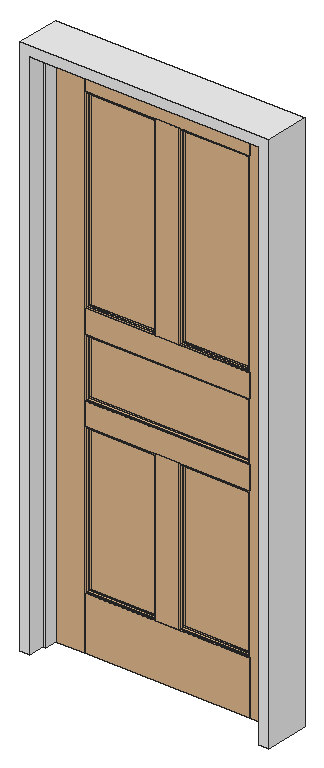
Revit family
Parameters (values of type "1 3/4" Flat Panel")
  URL = "http://www.karonadoor.com"
  Thickness Note = "Do not edit thickness."  # constant formula
  Thickness = 1.774"
  Swing Angle 2D = 90.00°
  SmartBIM Object Version = 1  # constant formula
  SmartBIM Object Created By = "Reed Construction Data"  # constant formula
  Rough Width = 0.000"
  Rough Height = 1.750"
  Panel = Panel_K5500_Karona : 1 3/4" - Flat Panel
  Model = "K5500 Ogee"  # constant formula
  Manufacturer = "Karona , Inc."  # constant formula
  Detail Door Thickness = 1.750"
  Assembly Code = ""
  Top Rail Height = 5.000"
  Top Rail = Wood, Cherry - Grain Horizontal
  Stile Width = 5.063"
  Stile = Wood, Cherry - Grain Vertical
  Sticking = Wood, Cherry - Grain Vertical
  Middle Rail = Wood, Cherry - Grain Horizontal
  Height = 84.000"
  Wall Closure = (empty or 0)
  Width = 36.000"
  Frame = Metal
  Bottom Rail Height = 8.500"
  Bottom Rail = Wood, Cherry - Grain Horizontal
  95 CSI = "08210"  # constant formula
  04 CSI = "08 14 33"  # constant formula
Types (9): name | Thickness | Rough Height | Panel | Detail Door Thickness
  1 3/4" Flat Panel | 1.774" | 1.750" | Panel_K5500_Karona : 1 3/4" - Flat Panel | 1.750"
  1 3/8" Flat Panel | 1.334" | 0.000" | Panel_K5500_Karona : 1 3/8" - Flat Panel | 1.375"
  2 1/4" Flat Panel | 2.250" | 0.000" | Panel_K5500_Karona : 2 1/4" - Flat Panel | 2.250"
  1 3/4" Glass Panel | 1.774" | 1.750" | Panel_K5500_Karona : 1 3/4" - Glass Panel | 1.750"
  1 3/8" Glass Panel | 1.334" | 0.000" | Panel_K5500_Karona : 1 3/8" - Glass Panel | 1.375"
  2 1/4" Glass Panel | 2.250" | 0.000" | Panel_K5500_Karona : 2 1/4" - Glass | 2.250"
  1 3/4" Raised Panel | 1.774" | 1.750" | Panel_K5500_Karona : 1 3/4" - Raised Panel | 1.750"
  1 3/8" Raised Panel | 1.334" | 0.000" | Panel_K5500_Karona : 1 3/8" - Raised Panel | 1.375"
  2 1/4" Raised Panel | 2.250" | 0.000" | Panel_K5500_Karona : 2 1/4" - Raised Panel | 2.250"
Reference planes (in)
  plane 1 "Center (Front/Back)": y = 0
  plane 2 "Center (Left/Right)": x = 0
  plane 3 "Left": x = -18
  plane 4 "Right": x = 18
  plane 5 "Top": z = 84
  plane 6 "Exterior Edge of Frame": y = 3.5
  plane 7 "Interior Edge of Frame": y = -3.5
  plane 8: y = 1
  plane 9: y = -1
  plane 10 "Opening Left": x = -19.5
  plane 11 "Opening Right": x = 19.5
  plane 12 "Top of Opening": z = 85.5
  plane 13: x = -17.5
Forms (in)
  Sweep 1, solid, material "Metal" <- "Frame"
    path origin (0, 0, 0) x (1, 0, 0) y (0, 0, 1)
      loop
        line (-19.5, 0) -> (-19.5, 85.5) -> (19.5, 85.5) -> (19.5, 0)
    profile origin (-19.5, 0, 42.75) x (-1, 0, 0) y (0, -1, 0)
      loop
        line (0, -3.5) -> (0, 3.5) -> (-1.5, 3.5) -> (-1.5, 1) -> (-2, 1) -> (-2, -1) -> (-1.5, -1) -> (-1.5, -3.5) -> (0, -3.5)
Lines and regions (in)
  Opening 1
    outline origin (-90, -3, 0) x (1, 0, 0) y (0, 0, 1)
      loop
        line (70.5, 0) -> (109.5, 0) -> (109.5, 85.5) -> (70.5, 85.5) -> (70.5, 0)
  symbolic lines, style "Elevation Swing"
    curve 1: line (18, 3, 0) -> (-18, 3, 42)
    curve 2: line (-18, 3, 42) -> (18, 3, 84)
Text (in)
  text "Exterior" at (-46.13199, 20.20143, 0), in view "Ref. Level"
  text "Interior" at (-46.13199, -10.56751, 0), in view "Ref. Level"
  text "Exterior" at (0, 40.15149, 123.01588), in view "Right"
  text "Interior" at (0, -64.39139, 123.01588), in view "Right"
  text "Interior" at (0, -31.01599, 123.00693), in view "Left"
  text "Exterior" at (0, 54.57065, 123.00693), in view "Left"
Dimensions and locks (in)
  "Height": level to plane 5 "Top"
  "Width": plane 3 "Left" to plane 4 "Right"
  equal spacing: host wall, curve 2, plane 5 "Top"
  locked: host wall to plane 7 "Interior Edge of Frame" at 0.5
  locked: plane 6 "Exterior Edge of Frame" to host wall at 0.5
  locked: plane 9 to plane 7 "Interior Edge of Frame" at 2.5
  locked: plane 6 "Exterior Edge of Frame" to plane 8 at 2.5
  equal spacing: plane 3 "Left", plane 2 "Center (Left/Right)", plane 4 "Right"
  locked: plane 4 "Right" to plane 11 "Opening Right" at 1.5
  locked: plane 5 "Top" to plane 12 "Top of Opening" at 1.5
  locked: plane 3 "Left" to plane 13 at 0.5
  locked: plane 10 "Opening Left" to plane 3 "Left" at 1.5
  aligned and locked: Opening 1 sketch curve to level
  aligned and locked: plane 4 "Right" to curve 1
  aligned and locked: plane 3 "Left" to curve 1
  aligned and locked: plane 5 "Top" to curve 2
  aligned and locked: Opening 1 sketch curve to plane 11 "Opening Right"
  aligned and locked: plane 12 "Top of Opening" to Opening 1 sketch curve
  aligned and locked: Opening 1 sketch curve to plane 10 "Opening Left"
  aligned and locked: plane 10 "Opening Left" to Sweep 1 sketch curve
  aligned and locked: plane 12 "Top of Opening" to Sweep 1 sketch curve
  aligned and locked: plane 11 "Opening Right" to Sweep 1 sketch curve
  aligned and locked: level to Sweep 1 sketch curve  (x2)
  aligned and locked: Sweep 1 sketch curve to plane 10 "Opening Left"
  aligned and locked: Sweep 1 sketch curve to plane 6 "Exterior Edge of Frame"
  aligned and locked: Sweep 1 sketch curve to plane 7 "Interior Edge of Frame"
  aligned and locked: Sweep 1 sketch curve to plane 8
  aligned and locked: Sweep 1 sketch curve to plane 9
  aligned and locked: plane 13 to Sweep 1 sketch curve
  aligned and locked: plane 3 "Left" to Sweep 1 sketch curve  (x2)
  aligned and locked: nested 1 to plane 2 "Center (Left/Right)"
  aligned and locked: nested 1 to plane 8
  aligned and locked: nested 2 to plane 3 "Left"
  aligned and locked: nested 2 to plane 8
Automatic sketch dimensions
  curve 1 to level = 0.000"
  curve 2 to plane 4 "Right" = 0.000"
Nested families (in)
  nested 1: "Panel_K5500_Karona" at (-13.5, 0.6575, 0) x (-1, 0, 0) z (0, 0, 1), type <- "Panel", type "1 3/4" - Flat Panel"
  nested 2: "Door Panel Plan View" at (-31.5, 1, 0) x (-1, 0, 0) z (0, 0, 1), type "Door Panel Plan View"
    with Thickness 1.750", Height 84.000"
Definition of nested family "Panel_K5500_Karona"
  Parameters (values of type "2 1/4" - Raised Panel")
    Width = 36.000"
    Top Rail Material = Wood, Cherry - Grain Horizontal
    Top Rail Height = 5.000"
    Top Panel Offset = 14.875"
    Thickness Note = "Do not change door thickness"  # constant formula
    Thickness = 2.250"
    Stile Width = 5.063"
    Stile Material = Wood, Cherry - Grain Vertical
    Sticking Material = Wood, Cherry - Grain Vertical
    Panel Width = (Width - ((2 * Stile Width) + Mullion Width)) / 2  # 11.1245"
    Panel Height = Height - (Top Rail Height + Mullion Width + Middle Panel Height + Mullion Width + Bottom Panel Height + Bottom Rail Height)  # 30.500"
    Panel = Glass-Sticking-Assembly-Ogee_Karona : Raised Panel
    Mullion Width = 3.625"  # constant formula
    Middle Panel Width = Width - (2 * Stile Width)  # 25.874"
    Middle Panel Height = 9.375"  # constant formula
    Interior Panel = Wood, Cherry - Grain Vertical
    Height = 84.000"
    Exterior Edge - Glass Bottom Offset = if(Thickness = 1.774", 0.567", if(Thickness = 2.250", 0.803", 0.469"))  # 0.803"
    Door Panel Material = Wood, Cherry - Grain Vertical
    Default Elevation = 0.000"  # constant formula
    Bottom Rail Material = Wood, Cherry - Grain Horizontal
    Bottom Rail Height = 8.500"
    Bottom Panel Height = Bottom Height - (Mullion Width + Bottom Rail Height)  # 23.375"
    Bottom Height = 35.500"
    Assembly Code = ""
  Types (9): name | Top Panel Offset | Thickness | Panel | Interior Panel | Exterior Edge - Glass Bottom Offset
    2 1/4" - Flat Panel | 14.875" | 2.250" | Glass-Sticking-Assembly-Ogee_Karona : Flat Panel | Wood, Cherry - Grain Vertical | 0.803"
    2 1/4" - Glass | 14.875" | 2.250" | Glass-Sticking-Assembly-Ogee_Karona : Glass Panel | Glass | 0.803"
    2 1/4" - Raised Panel | 14.875" | 2.250" | Glass-Sticking-Assembly-Ogee_Karona : Raised Panel | Wood, Cherry - Grain Vertical | 0.803"
    1 3/4" - Raised Panel | 16.542" | 1.774" | Glass-Sticking-Assembly-Ogee_Karona : Raised Panel | Wood, Cherry - Grain Vertical | 0.567"
    1 3/4" - Flat Panel | 14.875" | 1.774" | Glass-Sticking-Assembly-Ogee_Karona : Flat Panel | Wood, Cherry - Grain Vertical | 0.567"
    1 3/4" - Glass Panel | 14.875" | 1.774" | Glass-Sticking-Assembly-Ogee_Karona : Glass Panel | Glass | 0.567"
    1 3/8" - Raised Panel | 14.875" | 1.334" | Glass-Sticking-Assembly-Ogee_Karona : Raised Panel | Wood, Cherry - Grain Vertical | 0.469"
    1 3/8" - Glass Panel | 14.875" | 1.334" | Glass-Sticking-Assembly-Ogee_Karona : Glass Panel | Glass | 0.469"
    1 3/8" - Flat Panel | 14.875" | 1.334" | Glass-Sticking-Assembly-Ogee_Karona : Flat Panel | Wood, Cherry - Grain Vertical | 0.469"
  Reference planes (in)
    plane 1 "Center (Front/Back)": y = 1.2315
    plane 2: z = 0
    plane 3 "Center (Left/Right)": x = -13.5
    plane 4 "Left": x = -31.5
    plane 5: x = 4.5
    plane 6 "Inner Left": x = -26.437
    plane 7 "Inner Right": x = -0.563
    plane 8 "Bottom Of Top Rail": z = 79
    plane 9 "Top": z = 84
    plane 10 "Interior Edge of Door": y = 2.3565
    plane 11: z = 79
    plane 12 "Exterior Edge of Door": y = 0.1065
    plane 13 "Bottom of Glass": y = 0.9095
    plane 14 "Left Panel Vertical Midline": x = -13.5
    plane 15: z = 48.5
    plane 16: z = 44.875
    plane 17: z = 35.5
    plane 18: z = 31.875
    plane 19: z = 8.5
    plane 20: z = 63.75
    plane 21: z = 20.1875
    plane 22: z = 40.1875
    plane 23: x = -20.87475
    plane 24: x = -6.12525
    plane 25: x = -15.3125
    plane 26: x = -11.6875
  Forms (in)
    Extrusion 1, solid, material "Wood, Cherry - Grain Horizontal" <- "Bottom Rail Material"
      sketch origin (0, -101.3125, 0) x (1, 0, 0) y (0, 0, 1)
        loop
          line (-26.437, 0) -> (-0.563, 0) -> (-0.563, 8.5) -> (-26.437, 8.5) -> (-26.437, 0)
      from -103.669 to -101.419
    Extrusion 2, solid, material "Wood, Cherry - Grain Vertical" <- "Stile Material"
      sketch origin (0, 1.2315, 0) x (1, 0, 0) y (0, 0, 1)
        loop
          line (-31.5, 84) -> (-31.5, 0) -> (-26.437, 0) -> (-26.437, 84) -> (-31.5, 84)
        loop
          line (-0.563, 0) -> (4.5, 0) -> (4.5, 84) -> (-0.563, 84) -> (-0.563, 0)
      from -1.125 to 1.125
    Extrusion 3, solid, material "Wood, Cherry - Grain Horizontal" <- "Top Rail Material"
      sketch origin (0, 1.2315, 0) x (1, 0, 0) y (0, 0, 1)
        loop
          line (-26.437, 84) -> (-26.437, 79) -> (-0.563, 79) -> (-0.563, 84) -> (-26.437, 84)
      from -1.125 to 1.125
    Extrusion 4, solid, material "Wood, Cherry - Grain Horizontal" <- "Top Rail Material"
      sketch origin (0, 1.2315, 0) x (1, 0, 0) y (0, 0, 1)
        loop
          line (-26.437, 31.875) -> (-0.563, 31.875) -> (-0.563, 35.5) -> (-26.437, 35.5) -> (-26.437, 31.875)
        loop
          line (-26.437, 48.5) -> (-26.437, 44.875) -> (-0.563, 44.875) -> (-0.563, 48.5) -> (-26.437, 48.5)
      from -1.125 to 1.125
    Extrusion 5, solid, material "Wood, Cherry - Grain Vertical" <- "Door Panel Material"
      sketch origin (0, 1.2315, 0) x (1, 0, 0) y (0, 0, 1)
        loop
          line (-15.3125, 79) -> (-15.3125, 48.5) -> (-11.6875, 48.5) -> (-11.6875, 79) -> (-15.3125, 79)
        loop
          line (-15.3125, 31.875) -> (-15.3125, 8.5) -> (-11.6875, 8.5) -> (-11.6875, 31.875) -> (-15.3125, 31.875)
      from -1.125 to 1.125
  Text (in)
    text "EXTERIOR" at (-34.59289, -1.27941, 0), in view "Ref. Level"
    text "EXTERIOR" at (0, -9.65287, 72.76687), in view "Left"
    text "EXTERIOR" at (0, -33.33473, 96.68074), in view "Right"
  Dimensions and locks (in)
    equal spacing: plane 4 "Left", plane 3 "Center (Left/Right)", plane 5
    "Width": plane 4 "Left" to plane 5
    "Stile Width": plane 4 "Left" to plane 6 "Inner Left"
    "Stile Width": plane 5 to plane 7 "Inner Right"
    "Top Rail Height": plane 9 "Top" to plane 8 "Bottom Of Top Rail"
    "Height": plane 9 "Top" to plane 2
    equal spacing: plane 10 "Interior Edge of Door", plane 1 "Center (Front/Back)", plane 12 "Exterior Edge of Door"
    "Thickness": plane 10 "Interior Edge of Door" to plane 12 "Exterior Edge of Door"
    "Exterior Edge - Glass Bottom Offset": plane 13 "Bottom of Glass" to plane 12 "Exterior Edge of Door"
    "Exterior Edge - Glass Bottom Offset": plane 12 "Exterior Edge of Door" to plane 13 "Bottom of Glass"
    "Mullion Width": plane 15 to plane 16
    "Bottom Rail Height": plane 19 to level
    "Panel Height": plane 11 to plane 15
    equal spacing: plane 11, plane 20, plane 15
    equal spacing: plane 18, plane 21, plane 19
    "Mullion Width": plane 17 to plane 18
    equal spacing: plane 16, plane 22, plane 17
    "Mullion Width": plane 26 to plane 25
    equal spacing: plane 25, plane 23, plane 6 "Inner Left"
    equal spacing: plane 26, plane 24, plane 7 "Inner Right"
    equal spacing: plane 26, plane 3 "Center (Left/Right)", plane 25
    "Bottom Height": plane 17 to level
    aligned and locked: Extrusion 1 to plane 2
    aligned and locked: plane 10 "Interior Edge of Door" to Extrusion 1
    aligned and locked: plane 4 "Left" to Extrusion 2 sketch curve
    aligned and locked: Extrusion 2 sketch curve to plane 9 "Top"
    aligned and locked: Extrusion 2 sketch curve to Extrusion 1  (x3)
    aligned and locked: Extrusion 1 to Extrusion 2 sketch curve
    aligned and locked: plane 9 "Top" to Extrusion 2 sketch curve
    aligned and locked: plane 5 to Extrusion 2 sketch curve
    aligned and locked: plane 10 "Interior Edge of Door" to Extrusion 2
    aligned and locked: Extrusion 2 to Extrusion 3 sketch curve
    aligned and locked: Extrusion 3 sketch curve to Extrusion 2
    aligned and locked: plane 10 "Interior Edge of Door" to Extrusion 3
    aligned and locked: plane 11 to plane 8 "Bottom Of Top Rail"
    aligned and locked: level to plane 2
    aligned and locked: Extrusion 3 to plane 12 "Exterior Edge of Door"
    aligned and locked: Extrusion 3 to plane 10 "Interior Edge of Door"
    aligned and locked: Extrusion 2 to plane 12 "Exterior Edge of Door"
    aligned and locked: Extrusion 3 to plane 11
    aligned and locked: Extrusion 1 to Extrusion 2
    aligned and locked: nested 1 to plane 1 "Center (Front/Back)"
    aligned and locked: plane 20 to nested 2
    aligned and locked: Extrusion 4 sketch curve to plane 18
    aligned and locked: Extrusion 4 sketch curve to plane 6 "Inner Left"  (x2)
    aligned and locked: Extrusion 4 sketch curve to plane 7 "Inner Right"  (x2)
    aligned and locked: Extrusion 4 sketch curve to plane 17
    aligned and locked: Extrusion 4 sketch curve to plane 15
    aligned and locked: Extrusion 4 sketch curve to plane 16
    aligned and locked: plane 10 "Interior Edge of Door" to Extrusion 4
    aligned and locked: Extrusion 4 to plane 12 "Exterior Edge of Door"
    aligned and locked: plane 23 to nested 2
    aligned and locked: plane 23 to nested 1
    aligned and locked: nested 5 to plane 20
    aligned and locked: nested 4 to plane 21
    aligned and locked: plane 24 to nested 5
    aligned and locked: plane 24 to nested 4
    aligned and locked: plane 1 "Center (Front/Back)" to nested 4
    aligned and locked: plane 1 "Center (Front/Back)" to nested 5
    aligned and locked: Extrusion 5 sketch curve to plane 25  (x2)
    aligned and locked: plane 26 to Extrusion 5 sketch curve  (x2)
    aligned and locked: Extrusion 5 sketch curve to plane 15
    aligned and locked: Extrusion 5 sketch curve to plane 11
    aligned and locked: Extrusion 5 sketch curve to plane 18
    aligned and locked: Extrusion 5 sketch curve to plane 19
    aligned and locked: plane 10 "Interior Edge of Door" to Extrusion 5
    aligned and locked: Extrusion 5 to plane 12 "Exterior Edge of Door"
    aligned and locked: plane 21 to nested 1
    aligned and locked: plane 19 to Extrusion 1
    aligned and locked: plane 22 to nested 3
  Automatic sketch dimensions
    Extrusion 1 sketch curve to plane 6 "Inner Left" = 0.000"
    Extrusion 1 sketch curve to plane 7 "Inner Right" = 0.000"
    Extrusion 1 sketch curve to level = 0.000"
    Extrusion 3 sketch curve to plane 7 "Inner Right" = 0.000"
    plane 8 "Bottom Of Top Rail" to Extrusion 3 sketch curve = 0.000"
    level to Extrusion 1 sketch curve = 8.500"
  Nested families (in)
    nested 1: "Glass-Sticking-Assembly-Ogee_Karona" at (-21.3435, 1.38, 8.5), Width <- "Panel Width", Height <- "Bottom Panel Height", type <- "Panel", type "Raised Panel"
      with Width 11.1245", Height 23.375"
    nested 2: "Glass-Sticking-Assembly-Ogee_Karona" at (-21.3435, 1.38, 48.5), Width <- "Panel Width", Height <- "Panel Height", type <- "Panel", type "Raised Panel"
      with Width 11.1245", Height 30.500"
    nested 3: "Glass-Sticking-Assembly-Ogee_Karona" at (-13.96875, 1.378, 35.5), Width <- "Middle Panel Width", Height <- "Middle Panel Height", type <- "Panel", type "Raised Panel"
      with Width 25.874", Height 9.375"
    nested 4: "Glass-Sticking-Assembly-Ogee_Karona" at (-5.6565, 1.38, 8.5) x (-1, 0, 0) z (0, 0, 1), Width <- "Panel Width", Height <- "Bottom Panel Height", type <- "Panel", type "Raised Panel"
      with Width 11.1245", Height 23.375"
    nested 5: "Glass-Sticking-Assembly-Ogee_Karona" at (-5.6565, 1.38, 48.5) x (-1, 0, 0) z (0, 0, 1), Width <- "Panel Width", Height <- "Panel Height", type <- "Panel", type "Raised Panel"
      with Width 11.1245", Height 30.500"
  Definition of nested family "Glass-Sticking-Assembly-Ogee_Karona"
    Parameters (values of type "Glass Panel")
      Width [instance] = 5.000"
      Vertical Profile Offset = if(Glass Panel, 0.490", 0.100")  # 0.490"
      Stop Adjustment = if(and(not(Glass Panel), Door Thickness = 1.774"), 0.513", if(and(not(Glass Panel), Door Thickness = 2.250"), 0.513", if((Glass Panel), 0.125", 0.273")))  # 0.125"
      Profile = Wood, Cherry - Grain Vertical
      Height [instance] = 23.000"
      Raised Panel = no
      Interior Panel = Glass
      Glass Panel = yes
      Door Thickness = 1.334"
      C = if(Door Thickness = 1.774", 0.131", if(Door Thickness = 2.250", 0.370", 0.093"))  # 0.093"
      B = if(Door Thickness = 1.774", 0.567", if(Door Thickness = 2.250", 0.803", 0.469"))  # 0.469"
      Assembly Code = ""
      A = if(Door Thickness = 1.774", 0.128", if(Door Thickness = 2.250", 0.364", 0.095"))  # 0.095"
    Types (3): name | Width | Vertical Profile Offset | Stop Adjustment | Raised Panel | Interior Panel | Glass Panel | Door Thickness | C | B | A
      Glass Panel | 5.000" | 0.490" | 0.125" | no | Glass | yes | 1.334" | 0.093" | 0.469" | 0.095"
      Flat Panel | 4.500" | 0.100" | 0.513" | no | Wood, Cherry - Grain Vertical | no | 2.250" | 0.370" | 0.803" | 0.364"
      Raised Panel | 4.000" | 0.100" | 0.513" | yes | Wood, Cherry - Grain Vertical | no | 2.250" | 0.370" | 0.803" | 0.364"
    Reference planes (in)
      plane 1 "Stop Adjustment Edge": y = -0.3455
      plane 2: z = 0
      plane 3 "Center (Left/Right)": x = 0.46875
      plane 4 "Back": y = 0.3945
      plane 5 "Front": y = -0.9395
      plane 6 "Left": x = -2.03125
      plane 7 "Right": x = 2.96875
      plane 8 "Top": z = 23
      plane 9 "Center (Up/Down)": z = 11.5
      plane 10 "Bottom of Stop": y = -0.2205
      plane 11 "Bottom of Glass": y = -0.4705
      plane 12 "Right Edge of Glass": x = 2.91875
      plane 13 "Left Edge of Glass": x = -1.98125
      plane 14 "Top Edge of Glass": z = 22.90625
      plane 15 "Bottom Edge of Glass": z = 0.09375
      plane 16: x = 2.84375
      plane 17 "A": y = -0.8445
      plane 18 "C": y = 0.3015
      plane 19 "Bottom Cut Line": z = 0.438
      plane 20 "Top Cut Line": z = 22.562
      plane 21 "Cut Vertical Left": x = -1.59325
      plane 22 "Cut Vertical": x = 2.53075
      plane 23 "Center (Front/Back)": y = -0.2725
    Forms (in)
      Sweep 1, solid, material "Wood, Cherry - Grain Vertical" <- "Profile"
        path origin (0, -0.3455, 0) x (1, 0, 0) y (0, 0, 1)
          loop
            line (2.96875, 23) -> (-2.03125, 23) -> (-2.03125, 0) -> (2.96875, 0) -> (2.96875, 23)
        profile origin (2.96875, -0.3455, 11.5) x (0, -1, 0) y (1, 0, 0)
          loop
            line (-0.647, 0) -> (-0.647, -0.438) -> (-0.125, -0.438) -> (-0.125, -0.05) -> (0.125, -0.05) -> (0.125, -0.438) -> (0.499, -0.438) -> (0.499, 0) -> (-0.647, 0)
      Extrusion 2, solid, material "Glass" <- "Interior Panel"
        sketch origin (0, 0, 0) x (1, 0, 0) y (0, 1, 0)
          loop
            line (-1.98125, -0.2205) -> (-1.98125, -0.4705) -> (2.91875, -0.4705) -> (2.91875, -0.2205) -> (-1.98125, -0.2205)
        from 0.09375 to 22.90625
      Extrusion 3, solid, material "Wood, Cherry - Grain Vertical" <- "Profile", visible <- "Raised Panel"
        sketch origin (0, 0, 0) x (1, 0, 0) y (0, 1, 0)
          loop
            line (2.53075, 0.3015) -> (-1.59325, 0.3015) -> (-1.59325, -0.2205) -> (2.53075, -0.2205) -> (2.53075, 0.3015)
          loop
            line (-1.59325, -0.4705) -> (-1.59325, -0.8445) -> (2.53075, -0.8445) -> (2.53075, -0.4705) -> (-1.59325, -0.4705)
        from 0.438 to 22.562
      Sweep 4, void
        path origin (0, -0.2205, 0) x (-1, 0, 0) y (0, 0, 1)
          loop
            line (2.03125, 0) -> (2.03125, 23) -> (-2.96875, 23) -> (-2.96875, 0) -> (2.03125, 0)
        profile "Profile : 05" origin (-2.03125, -0.2205, 11.5) x (1, 0, 0) y (0, 1, 0)
          loop
            line (0, 0.49) -> (0.36169, 0.49096)
            arc (0.36169, 0.49096) -> (1.01257, 0.57642) -> (1.61934, 0.827) r 2.52143
            line (1.61934, 0.827) -> (0, 0.827) -> (0, 0.49)
      Sweep 5, void
        path origin (0, -0.4705, 0) x (-1, 0, 0) y (0, 0, 1)
          loop
            line (-2.96875, 23) -> (-2.96875, 0) -> (2.03125, 0) -> (2.03125, 23) -> (-2.96875, 23)
        profile "Profile : 05" origin (2.96875, -0.4705, 11.5) x (-1, 0, 0) y (0, 1, 0)
          loop
            line (0, -0.102) -> (0, -0.439) -> (1.61934, -0.439)
            arc (1.61934, -0.439) -> (1.01257, -0.18842) -> (0.36169, -0.10296) r 2.52143
            line (0.36169, -0.10296) -> (0, -0.102)
      Sweep 6, void
        path origin (0, 0.3015, 0) x (1, 0, 0) y (0, 0, 1)
          loop
            line (-1.59325, 0.438) -> (2.53075, 0.438) -> (2.53075, 22.562) -> (-1.59325, 22.562) -> (-1.59325, 0.438)
        profile "QuarterCircleCut : QuarterCircleCut" origin (2.53075, 0.3015, 11.5) x (-1, 0, 0) y (0, -1, 0)
          loop
            arc (0.3196, 0) -> (0.182, 0.057) -> (0.125, 0.1946) r 0.1946
            line (0.125, 0.1946) -> (0.125, 0.27745) -> (0, 0.27745) -> (0, 0) -> (0.3196, 0)
      Sweep 7, void
        path origin (0, -0.8445, 0) x (1, 0, 0) y (0, 0, 1)
          loop
            line (-1.59325, 0.438) -> (2.53075, 0.438) -> (2.53075, 22.562) -> (-1.59325, 22.562) -> (-1.59325, 0.438)
        profile "QuarterCircleCut : QuarterCircleCut" origin (2.53075, -0.8445, 11.5) x (-1, 0, 0) y (0, -1, 0)
          loop
            line (0.3196, 0) -> (0, 0) -> (0, -0.27745) -> (0.125, -0.27745) -> (0.125, -0.1946)
            arc (0.125, -0.1946) -> (0.182, -0.057) -> (0.3196, 0) r 0.1946
    Cuts and joins
      Sweep 4, Sweep 5, Sweep 7 cuts Extrusion 3
      Sweep 6, Sweep 7 cuts Sweep 1
    Text (in)
      text "INTERIOR" at (-14.3788, 3.49864, 0), in view "Ref. Level"
    Dimensions and locks (in)
      equal spacing: plane 6 "Left", plane 3 "Center (Left/Right)", plane 7 "Right"
      "Width": plane 6 "Left" to plane 7 "Right"
      "Door Thickness": plane 4 "Back" to plane 5 "Front"
      "Height": plane 8 "Top" to plane 2
      equal spacing: plane 8 "Top", plane 9 "Center (Up/Down)", level
      locked: plane 1 "Stop Adjustment Edge" to plane 11 "Bottom of Glass" at 0.125
      "Stop Adjustment": plane 10 "Bottom of Stop" to plane 1 "Stop Adjustment Edge"
      locked: plane 12 "Right Edge of Glass" to plane 7 "Right" at 0.05
      locked: plane 8 "Top" to plane 14 "Top Edge of Glass" at 0.09375
      locked: plane 15 "Bottom Edge of Glass" to level at 0.09375
      locked: plane 6 "Left" to plane 13 "Left Edge of Glass" at 0.05
      "B": plane 5 "Front" to plane 11 "Bottom of Glass"
      locked: plane 16 to plane 7 "Right" at 0.125
      "A": plane 5 "Front" to plane 17 "A"
      "C": plane 18 "C" to plane 4 "Back"
      plane 4 "Back" to Sweep 1 = 0.615"
      locked: plane 19 "Bottom Cut Line" to level at 0.438
      locked: plane 8 "Top" to plane 20 "Top Cut Line" at 0.438
      locked: plane 6 "Left" to plane 21 "Cut Vertical Left" at 0.438
      locked: plane 22 "Cut Vertical" to plane 7 "Right" at 0.438
      equal spacing: plane 4 "Back", plane 23 "Center (Front/Back)", plane 5 "Front"
      aligned and locked: Sweep 1 sketch curve to plane 7 "Right"
      aligned and locked: Sweep 1 sketch curve to plane 8 "Top"
      aligned and locked: Sweep 1 sketch curve to plane 6 "Left"
      aligned and locked: Sweep 1 sketch curve to level
      aligned and locked: plane 10 "Bottom of Stop" to Sweep 1 sketch curve
      aligned and locked: plane 11 "Bottom of Glass" to Sweep 1 sketch curve
      aligned and locked: Extrusion 2 sketch curve to plane 13 "Left Edge of Glass"
      aligned and locked: Extrusion 2 sketch curve to plane 10 "Bottom of Stop"
      aligned and locked: Extrusion 2 sketch curve to plane 11 "Bottom of Glass"
      aligned and locked: Extrusion 2 sketch curve to plane 12 "Right Edge of Glass"
      aligned and locked: plane 14 "Top Edge of Glass" to Extrusion 2
      aligned and locked: Extrusion 2 to plane 15 "Bottom Edge of Glass"
      aligned and locked: Extrusion 3 sketch curve to plane 18 "C"
      aligned and locked: Extrusion 3 sketch curve to plane 10 "Bottom of Stop"
      aligned and locked: Extrusion 3 sketch curve to plane 11 "Bottom of Glass"
      aligned and locked: Extrusion 3 sketch curve to plane 17 "A"
      aligned and locked: Extrusion 3 to plane 19 "Bottom Cut Line"
      aligned and locked: Extrusion 3 to plane 20 "Top Cut Line"
      aligned and locked: plane 12 "Right Edge of Glass" to Sweep 1 sketch curve
      aligned and locked: plane 22 "Cut Vertical" to Extrusion 3 sketch curve  (x2)
      aligned and locked: Extrusion 3 sketch curve to plane 21 "Cut Vertical Left"  (x2)
      aligned and locked: plane 22 "Cut Vertical" to Sweep 1 sketch curve
      aligned and locked: Sweep 5 sketch curve to plane 6 "Left"
      aligned and locked: plane 8 "Top" to Sweep 5 sketch curve
      aligned and locked: Sweep 5 sketch curve to plane 7 "Right"
      aligned and locked: level to Sweep 5 sketch curve
      aligned and locked: Sweep 4 sketch curve to plane 7 "Right"
      aligned and locked: plane 8 "Top" to Sweep 4 sketch curve
      aligned and locked: Sweep 4 sketch curve to plane 6 "Left"
      aligned and locked: level to Sweep 4 sketch curve
      aligned and locked: plane 18 "C" to Sweep 1 sketch curve
      aligned and locked: Sweep 6 sketch curve to plane 21 "Cut Vertical Left"
      aligned and locked: plane 22 "Cut Vertical" to Sweep 6 sketch curve
      aligned and locked: Sweep 6 sketch curve to plane 19 "Bottom Cut Line"
      aligned and locked: plane 20 "Top Cut Line" to Sweep 6 sketch curve
      aligned and locked: Sweep 1 sketch curve to plane 22 "Cut Vertical"
      aligned and locked: plane 17 "A" to Sweep 1 sketch curve
      aligned and locked: Sweep 7 sketch curve to plane 21 "Cut Vertical Left"
      aligned and locked: plane 20 "Top Cut Line" to Sweep 7 sketch curve
      aligned and locked: plane 22 "Cut Vertical" to Sweep 7 sketch curve
      aligned and locked: Sweep 7 sketch curve to plane 19 "Bottom Cut Line"
    Automatic sketch dimensions
      Sweep 1 sketch curve to profile plane = 0.000"
Definition of nested family "Door Panel Plan View"
  Parameters (values of type "Door Panel Plan View")
    Width = 36.000"
    Thickness = 2.000"
    Swing Angle 2D = 90.00°
    Height = 0.000"
    Assembly Code = ""
  Reference planes (in)
    plane 1 "Center (Front/Back)": y = 0
    plane 2: z = 0
    plane 3 "Center (Left/Right)": x = -13.5
  Lines and regions (in)
    symbolic lines, style "DoorsPanelProjection"
      curve 1: line (-13.5, 0, 0) -> (-13.5, 36, 0)
      curve 2: line (-15.5, 0, 0) -> (-15.5, 36, 0)
      curve 3: line (-13.5, 0, 0) -> (-15.5, 0, 0)
      curve 4: line (-13.5, 36, 0) -> (-15.5, 36, 0)
    symbolic lines, style "Plan Swing"
      curve 5: arc (-13.5, 36, 0) -> (-38.95584, 25.45584, 0) -> (-49.5, 0, 0) r 36
  Dimensions and locks (in)
    "Width": curve 4 to curve 3
    "Thickness": curve 1 to curve 2
    "Swing Angle 2D": angle curve 1 to plane 1 "Center (Front/Back)"
    aligned and locked: plane 1 "Center (Front/Back)" to curve 5
  Automatic sketch dimensions
    curve 3 to plane 1 "Center (Front/Back)" = 0.000"
    curve 5 to plane 3 "Center (Left/Right)" = 0.000"
    curve 3 to plane 3 "Center (Left/Right)" = 0.000"
